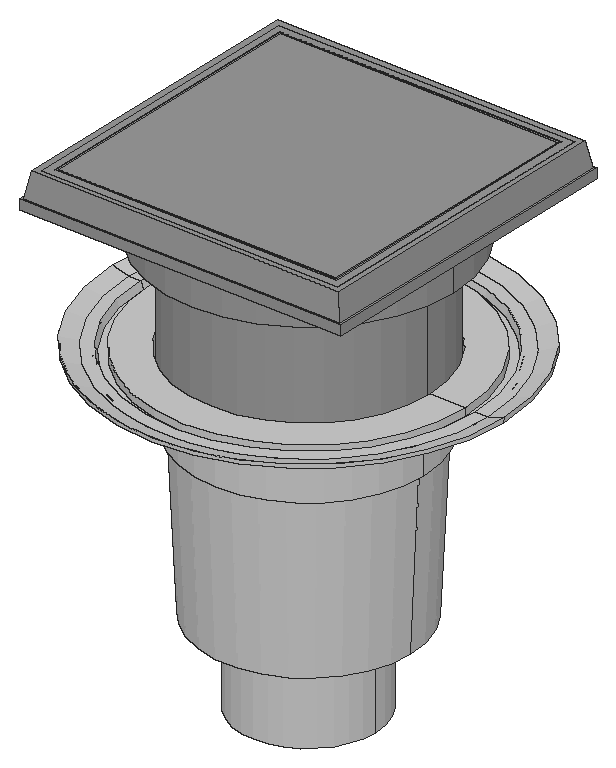
Revit family "HL_Дворовый трап серии Perfekt_HL616.1W", category Instalační zařizovací předměty, Revit 2016
Family settings
  Typ součásti = Normální
  Kóta kulaté spojky = Použít průměr
  Číslo OmniClass = 23.70.50.21.24.14
  Nadpis OmniClass = Deck Waste Water Drains
  Založené na pracovní rovině = Ne
  Vždy vertikální = Ano
  Ořezat dutým tvarem při načtení = Ne
  Sdílené = Ne
  Bod výpočtu místnosti = Ano
Parameters
  РЕШЁТКА = "Gusseisen 226 x 226 mm"
  РАЗМЕР = "DN110"
  ПРОПУСКНАЯ СПОСОБНОСТЬ [instance] = 0.0 L/s
  ПРОИЗВОДИТЕЛЬНОСТЬ = "2,1 l/s"
  ПРАВОВАЯ ИНФОРМАЦИЯ = "\"Copyright (©), design rights or any other intellectual property rights, shall be the exclusive property of HL Hutterer & Lechner GmbH. Modification is not allowed. Family has been watermarked.\""
  НОМИНАЛЬНЫЙ ДИАМЕТР = 110 mm
  НАСАДКА = "55-135 mm/260 x 260 mm Guss"
  МАТЕРИАЛ = "PP"
  МАКСИМАЛЬНАЯ НАГРУЗКА КЛАССА = "M - 12,5 t"
  ВЫСОТА МОНТАЖА = "252 mm"
  ВЕС = "13,5 kg"
  Výrobce = "HL Hutterer & Lechner GmbH"
  URL = "http://www.hutterer-lechner.com/en/products/catalog/roof-drains/HL616.1W/1.aspx"
  Материал плитка [instance] = none
  Připojení ventilace = no
  Připojení odpadu = yes
  Připojení HW = no
  Připojení CW = no
  Description = ""
  Model = "HL616.1W/1"
  Assembly Code = " "
  Type Comments = "perfect-drain DN110 vertical with flange, 260x260mm/226x226mm cast iron with trap seal"
  Keynote = "HL616.1W/1"
  IH [instance] = Высота монтажа 1 + Высота монтажа 2  # 135 mm
  Высота монтажа 2 [instance] = 0 mm
  Высота монтажа 1 [instance] = 135 mm
  G [instance] = 180.00°  # constant formula
  EAN = "9003076011360"
  D [instance] = IH + 165 mm  # 300 mm
  C [instance] = if(IH - 68 mm < 0 mm, 0 mm, IH - 68 mm)  # 67 mm
  B [instance] = 100 mm
  A [instance] = if(B - 100 mm > 15 mm, B - 100 mm, 15 mm)  # 15 mm
Types (3, lengths in mm): name | РАЗМЕР | ПРАВОВАЯ ИНФОРМАЦИЯ | НОМИНАЛЬНЫЙ ДИАМЕТР | URL | Description | Model | Type Comments | Keynote | EAN
  (no name) | "DN110" | "\"Copyright (©), design rights or any other intellectual property rights, shall be the exclusive property of HL Hutterer & Lechner GmbH. Modification is not allowed. Family has been watermarked.\"" | 110 | "http://www.hutterer-lechner.com/en/products/catalog/roof-drains/HL616.1W/1.aspx" | "" | "HL616.1W/1" | "perfect-drain DN110 vertical with flange, 260x260mm/226x226mm cast iron with trap seal" | "HL616.1W/1" | "9003076011360"
  HL_Дворовый трап серии Perfekt_HL616.1W_1 | "DN110" | "\"Авторские права(©), права на дизайн или какие либо другие права интелектуальной собственности являются исключительной собственностью компании HL Hutterer & Lechner. Изменению не подлежит. Файл семейства с данными о прозводителе изделия защищен паролем с водяным знаком.\"" | 110 | "http://www.hutterer-lechner.com/ru/products/catalog/roof-drains/HL616.1W/1.aspx" | "Дворовый трап серии Perfekt DN110 вертикальный" | "HL616.1W/1" | "Дворовый трап серии Perfekt DN110 вертикальный с обжимным фланцем, 260х260мм/226х226мм чугун с водяным затвором." | "HL616.1W/1" | "9003076011360"
  HL_Дворовый трап серии Perfekt_HL616.1W_5 | "DN160" | "\"Авторские права(©), права на дизайн или какие либо другие права интелектуальной собственности являются исключительной собственностью компании HL Hutterer & Lechner. Изменению не подлежит. Файл семейства с данными о прозводителе изделия защищен паролем с водяным знаком.\"" | 160 | "http://www.hutterer-lechner.com/ru/products/catalog/roof-drains/HL616.1W/5.aspx" | "Дворовый трап серии Perfekt DN160 вертикальный" | "HL616.1W/5" | "Дворовый трап серии Perfekt DN160 вертикальный с обжимным фланцем, 260х260мм/226х226мм чугун с водяным затвором." | "HL616.1W/5" | "9003076011384"
Reference planes
  plane 1 "Center (Front/Back)": y = 0
  plane 2: z = 0
  plane 3 "Center (Left/Right)": x = 0
  plane 4: z = -100
  plane 5: z = -135
  plane 6: z = -135
Lines and regions (mm)
  model lines, style "InvisibleLines"
    curve 1: line (0, 0, 0) -> (0, 0, 20)
  model lines, style "PlumbingFixtures", detail levels coarse+medium
    curve 2: line (0, 0, -100) -> (0, 0, -85)
    curve 3: line (0, 0, -85) -> (-85, 0, 0)
    curve 4: line (0, 0, -85) -> (85, 0, 0)
    curve 6: line (0, 0, -100) -> (0, 0, -400)
  reference lines, not visible
    curve 5: line (0, 0, -100) -> (0, 0, -400)
  symbolic lines, style "PlumbingFixtures", detail levels coarse+medium
    curve 7: line (-75, 75, 0) -> (75, 75, 0)
    curve 8: line (-75, -75, 0) -> (-75, 75, 0)
    curve 9: line (75, -75, 0) -> (-75, -75, 0)
    curve 10: line (75, 75, 0) -> (75, -75, 0)
    curve 11: line (-75, 75, 0) -> (-145.711, 145.711, 0)
    curve 12: line (75, 75, 0) -> (145.711, 145.711, 0)
    curve 13: line (-75, -75, 0) -> (-145.711, -145.711, 0)
    curve 14: line (75, -75, 0) -> (145.711, -145.711, 0)
  symbolic lines, style "PlumbingFixtures", not visible, detail levels coarse+medium
    curve 15: line (-75, 75, 0) -> (75, 75, 0)
    curve 16: line (-75, -75, 0) -> (-75, 75, 0)
    curve 17: line (75, -75, 0) -> (-75, -75, 0)
    curve 18: line (75, 75, 0) -> (75, -75, 0)
    curve 19: line (-75, 75, 0) -> (-145.711, 145.711, 0)
    curve 20: line (75, 75, 0) -> (145.711, 145.711, 0)
    curve 21: line (-75, -75, 0) -> (-145.711, -145.711, 0)
    curve 22: line (75, -75, 0) -> (145.711, -145.711, 0)
Text (mm)
  text "FLOOR" at (-162.344, 0, -10.979), in view "Слева"
Dimensions and locks
  "B": plane 2 to plane 4
  "IH": plane 2 to plane 5
  "A": curve 4 to plane 4
  "D": curve 5 to curve 5
  "D": curve 6 to curve 6
  "Высота монтажа 1": plane 2 to plane 6
  locked: curve 4 to plane 3 "Center (Left/Right)" (angle 45.00°)
  locked: plane 3 "Center (Left/Right)" to curve 3 (angle 45.00°)
  "G": angle curve 5 to plane 3 "Center (Left/Right)"
  aligned and locked: level to plane 2
  aligned and locked: plane 2 to curve 4
  aligned and locked: plane 2 to curve 3
  aligned and locked: plane 4 to curve 5
  aligned and locked: plane 3 "Center (Left/Right)" to curve 5
  aligned and locked: plane 4 to curve 2
  aligned and locked: plane 3 "Center (Left/Right)" to curve 6
  aligned and locked: plane 4 to curve 6
  aligned and locked: plane 3 "Center (Left/Right)" to nested 2
  aligned and locked: plane 2 to nested 2
  aligned and locked: nested 1 to plane 3 "Center (Left/Right)"
  aligned and locked: nested 1 to plane 5
  aligned and locked: plane 3 "Center (Left/Right)" to nested 3
  aligned and locked: nested 4 to plane 3 "Center (Left/Right)"
  aligned and locked: nested 1 to nested 4
  aligned and locked: nested 3 to nested 2
Automatic sketch dimensions
  curve 2 to plane 3 "Center (Left/Right)" = 0 mm
  curve 1 to plane 3 "Center (Left/Right)" = 0 mm
  curve 1 to level = 0 mm
  curve 1 to curve 1 = 20 mm
Nested families
  nested 1: "HL-кровельные воронки - корпус-HL616K" at (0, 0, -134.974), type "HL-кровельные воронки - корпус-HL616K_1"
  nested 2: "HL-Надставные элементы-HL624" at (0, 0, 0), Высота монтажа <- "Высота монтажа 1", type "HL-Надставные элементы-HL624"
    with Высота монтажа 135 mm, a 97 mm, Ihmin 55 mm, Ihmax 135 mm
  nested 3: "HL-Песколовка-HL0606.2E" at (0, 0, -27.999), type "HL-Песколовка-HL0606.2E"
  nested 4: "HL-Вкладыш запахозапирающий-HL0605.2E" at (0, 0, -195.474), type "HL-Вкладыш запахозапирающий-HL0605.2E"
Connectors
  piping at (0, 0, -400), diameter 110, driven by "ПРОПУСКНАЯ СПОСОБНОСТЬ", driven by "НОМИНАЛЬНЫЙ ДИАМЕТР"
    settings: on curve 5, index 1, connector inside diameter 609.6 mm, connector length 0 mm, flow factor 0, pipe flow 0.0 L/s, pressure drop 0.0 Pa, fitting loss kfactor 0, connector angle 0.00°, fixture units 0, engagement length 0 mm, angle of deflection 0.00°, flow configuration 1, flow direction 2, fitting loss method 0, system type 16, joint type 0, gender type 0, connector reference index -1, connector utility 0, adjustable connector yes, is connector primary yes, connector description ""
Definition of nested family "HL-кровельные воронки - корпус-HL616K"
  Parameters
    РАЗМЕР = ""
    ПРАВОВАЯ ИНФОРМАЦИЯ = ""
    НОМИНАЛЬНЫЙ ДИАМЕТР = 110 mm
    МАТЕРИАЛ = ""
    ВЫСОТА МОНТАЖА = ""
    ВЕС = ""
    a = if(НОМИНАЛЬНЫЙ ДИАМЕТР = 11 mm, 62 mm, 67 mm)  # 67 mm
    Height = 0 mm
    Manufacturer = ""
    URL = ""
    Description = ""
    ND = НОМИНАЛЬНЫЙ ДИАМЕТР / 2  # 55 mm
    Model = ""
    материал = none
    Type Comments = ""
    Keynote = ""
    EAN = ""
    Cost = 0
  Types (3, lengths in mm): name | РАЗМЕР | ПРАВОВАЯ ИНФОРМАЦИЯ | МАТЕРИАЛ | ВЫСОТА МОНТАЖА | ВЕС | Manufacturer | URL | Description | Model | Type Comments | Keynote | EAN
    (no name) | "" | "" | "" | "" | "" | "" | "" | "" | "" | "" | "" | ""
    HL-кровельные воронки - корпус-HL616K_1 | "DN110" | "\"Авторские права(©), права на дизайн или какие либо другие права интелектуальной собственности являются исключительной собственностью компании HL Hutterer & Lechner. Изменению не подлежит. Файл семейства с данными о прозводителе изделия защищен паролем с водяным знаком.\"" | "PP" | "197 mm" | "0,652 kg" | "HL Hutterer & Lechner GmbH" | "http://www.hutterer-lechner.com/ru/products/catalog/roof-drains/HL616K/1.aspx" | "Дворовый трап серии Perfekt DN110 вертикальный" | "HL616K/1" | "Корпус дворового трапа серии Perfekt DN110 вертикальный с обжимным фланцем." | "HL616K/1" | "9003076010639"
    HL-кровельные воронки - корпус-HL616K_5 | "DN160" | "\"Авторские права(©), права на дизайн или какие либо другие права интелектуальной собственности являются исключительной собственностью компании HL Hutterer & Lechner. Изменению не подлежит. Файл семейства с данными о прозводителе изделия защищен паролем с водяным знаком.\"" | "PP" | "197 mm" | "0,658 kg" | "HL Hutterer & Lechner GmbH" | "http://www.hutterer-lechner.com/ru/products/catalog/roof-drains/HL616K/5.aspx" | "Дворовый трап серии Perfekt DN160 вертикальный" | "HL616K/5" | "Корпус дворового трапа серии Perfekt DN160 вертикальный с обжимным фланцем." | "HL616K/5" | "9003076010677"
  Reference planes
    plane 1 "Střed (vpředu/vzadu)": y = 0
    plane 2: z = 0
    plane 3 "Střed (vlevo/vpravo)": x = 0
    plane 4: z = -198
  Forms (mm)
    Revolve 1, solid, material <- "материал", detail levels fine
      sketch origin (0, 0, 0) x (1, 0, 0) y (0, 0, 1)
        loop
          line (158.746, -0.026) -> (145.781, -3.5) -> (135.781, -3.5) -> (134.096, -9.367) -> (127.541, -9.367) -> (127.541, -3.5) -> (99.151, -3.5) -> (99.151, -25.5) -> (90, -25.5) -> (90, -60.5) -> (85.551, -60.5) -> (79.463, -194) -> (51.105, -194) -> (51.105, -198) -> (83.393, -198) -> (89.481, -64.5) -> (94.013, -64.5) -> (94.013, -34.2) -> (103.091, -34.2) -> (103.091, -12.303) -> (134.671, -12.303)
          arc (134.671, -12.303) -> (136.701, -11.463) -> (137.542, -9.433) r 2.871
          line (137.542, -9.433) -> (137.542, -6.409) -> (146.262, -6.409) -> (158.746, -3.064) -> (158.746, -0.026)
        axis (0, -198) -> (0, -0.026)
      angle from 0 to 360
    Revolve 2, solid, material <- "материал", detail levels fine
      sketch origin (0, 0, 0) x (1, 0, 0) y (0, 0, 1)
        loop
          line (0, -198) -> (0, -265) -> (55, -265) -> (55, -198) -> (0, -198)
        axis (0, -198) -> (0, -265)
      angle from 0 to 360
  Dimensions and locks
    locked: plane 2 to plane 4 at 198
    "ND": Revolve 2 sketch curve to plane 3 "Střed (vlevo/vpravo)"
    "a": plane 4 to Revolve 2 sketch curve
    aligned and locked: level to plane 2
  Automatic sketch dimensions
    Revolve 1 sketch curve to plane 3 "Střed (vlevo/vpravo)" = 0 mm
    Revolve 1 sketch curve to plane 4 = 0 mm
    plane 4 to Revolve 1 sketch curve = 4 mm
    plane 3 "Střed (vlevo/vpravo)" to Revolve 1 sketch curve = 51.105 mm
    Revolve 1 sketch curve to Revolve 1 sketch curve = 28.358 mm
    Revolve 1 sketch curve to Revolve 1 sketch curve = 3.93 mm  (x2)
    plane 3 "Střed (vlevo/vpravo)" to Revolve 1 sketch curve = 85.551 mm
    Revolve 1 sketch curve to Revolve 1 sketch curve = 0.519 mm
    Revolve 1 sketch curve to Revolve 1 sketch curve = 4.013 mm
    Revolve 1 sketch curve to level = 3.5 mm  (x2)
    Revolve 1 sketch curve to Revolve 1 sketch curve = 9.151 mm
    Revolve 1 sketch curve to Revolve 1 sketch curve = 3.941 mm
    Revolve 1 sketch curve to Revolve 1 sketch curve = 24.449 mm
    Revolve 1 sketch curve to Revolve 1 sketch curve = 6.555 mm
    Revolve 1 sketch curve to Revolve 1 sketch curve = 0.575 mm
    Revolve 1 sketch curve to Revolve 1 sketch curve = 1.11 mm
    Revolve 1 sketch curve to Revolve 1 sketch curve = 1.761 mm
    Revolve 1 sketch curve to Revolve 1 sketch curve = 8.239 mm
    Revolve 1 sketch curve to Revolve 1 sketch curve = 0.481 mm
    Revolve 1 sketch curve to level = 0.026 mm
    Revolve 1 sketch curve to Revolve 1 sketch curve = 12.965 mm
    Revolve 1 sketch curve to Revolve 1 sketch curve = 61 mm
    Revolve 1 sketch curve to Revolve 1 sketch curve = 4 mm
    Revolve 1 sketch curve to Revolve 1 sketch curve = 26.3 mm
    Revolve 1 sketch curve to Revolve 1 sketch curve = 8.7 mm
    Revolve 1 sketch curve to Revolve 1 sketch curve = 8.804 mm
    Revolve 1 sketch curve to Revolve 1 sketch curve = 0.066 mm
    Revolve 1 sketch curve to Revolve 1 sketch curve = 3.024 mm
    Revolve 1 sketch curve to Revolve 1 sketch curve = 3.038 mm
    level to Revolve 1 sketch curve = 9.5 mm
    Revolve 1 sketch curve to Revolve 1 sketch curve = 50 mm
    Revolve 2 sketch curve to plane 3 "Střed (vlevo/vpravo)" = 0 mm  (x2)
    Revolve 2 sketch curve to plane 4 = 0 mm
    Revolve 2 sketch curve to Revolve 2 sketch curve = 15 mm
    Revolve 2 sketch curve to Revolve 2 sketch curve = 25 mm
Definition of nested family "HL-Надставные элементы-HL624"
  Parameters (values of type "HL-Надставные элементы-HL624")
    РЕШЁТКА = "Guss 226x226mm"
    РАЗМЕР = "d 195mm"
    ПРАВОВАЯ ИНФОРМАЦИЯ = "\"Авторские права(©), права на дизайн или какие либо другие права интелектуальной собственности являются исключительной собственностью компании HL Hutterer & Lechner. Изменению не подлежит. Файл семейства с данными о прозводителе изделия защищен паролем с водяным знаком.\""
    НАСАДКА = "260x260mm"
    МАТЕРИАЛ = "PP"
    МАКСИМАЛЬНАЯ НАГРУЗКА КЛАССА = "B - 12,5 t (aussen)"
    ВЫСОТА МОНТАЖА = "152mm"
    ВЕС = "11,37 [kg]"
    a [instance] = if(Высота монтажа < Ihmin, -10 mm, if(Высота монтажа > Ihmax, -10 mm, Высота монтажа - 38 mm))  # 97 mm
    Manufacturer = "HL Hutterer & Lechner GmbH"
    URL = "http://www.hutterer-lechner.com/ru/products/catalog/roof-drains/HL624.aspx"
    Description = "Надставные элементы"
    Model = "HL624"
    материал = none
    Type Comments = "Насадка d 195мм/литые подрамники 260х260мм/226х226мм чугун"
    Keynote = "HL624"
    Высота монтажа [instance] = 135 mm
    Ihmin [instance] = 55 mm
    Ihmax [instance] = 135 mm
    EAN = "9003076014767"
    Cost = 0
  Values of the unnamed type that differ from the named types
    РЕШЁТКА = ""
    РАЗМЕР = ""
    ПРАВОВАЯ ИНФОРМАЦИЯ = ""
    НАСАДКА = ""
    МАТЕРИАЛ = ""
    МАКСИМАЛЬНАЯ НАГРУЗКА КЛАССА = ""
    ВЫСОТА МОНТАЖА = ""
    ВЕС = ""
    Manufacturer = ""
    URL = ""
    Description = ""
    Model = ""
    Type Comments = ""
    Keynote = ""
    EAN = ""
  Reference planes
    plane 1 "Střed (vpředu/vzadu)": y = 0
    plane 2: z = 0
    plane 3 "Střed (vlevo/vpravo)": x = 0
    plane 4: z = -58
    plane 5: z = -155
  Forms (mm)
    Extrusion 1, solid, material <- "материал", detail levels fine
      sketch origin (0, 0, 0) x (1, 0, 0) y (0, 1, 0)
        loop
          line (-112.5, 112.5) -> (-112.5, -112.5) -> (112.5, -112.5) -> (112.5, 112.5) -> (-112.5, 112.5)
      from 0 to -20
    Extrusion 2, solid, material <- "материал", detail levels fine
      sketch origin (0, 0, 0) x (1, 0, 0) y (0, 1, 0)
        loop
          line (114.5, -114.5) -> (114.5, 114.5) -> (-114.5, 114.5) -> (-114.5, -114.5) -> (114.5, -114.5)
        loop
          line (-120, 120) -> (-120, -120) -> (120, -120) -> (120, 120) -> (-120, 120)
      from 0 to -20
    Extrusion 3, solid, material <- "материал", detail levels fine
      sketch origin (0, 0, 0) x (1, 0, 0) y (0, 1, 0)
        loop
          line (120, -120) -> (120, 120) -> (-120, 120) -> (-120, -120) -> (120, -120)
      from -20 to -23
    Revolve 4, solid, material <- "материал", detail levels fine
      sketch origin (0, 0, 0) x (1, 0, 0) y (0, 0, 1)
        loop
          line (0, -28) -> (-117.877, -28) -> (-117.877, -58.2) -> (0, -58.2) -> (0, -28)
        axis (0, -58.2) -> (0, -28)
      angle from 0 to 360
    Revolve 5, solid, material <- "материал", detail levels fine
      sketch origin (0, 0, 0) x (1, 0, 0) y (0, 0, 1)
        loop
          line (0, -58) -> (0, -155) -> (97.213, -155) -> (97.213, -58) -> (0, -58)
        axis (0, -58) -> (0, -155)
      angle from 0 to 360
    Extrusion 6, solid, material <- "материал", detail levels fine
      sketch origin (0, 0, 0) x (1, 0, 0) y (0, 1, 0)
        loop
          line (130, 130) -> (-130, 130) -> (-130, -130) -> (130, -130) -> (130, 130)
      from -28 to -20
    Blend 7, solid, material <- "материал", detail levels fine
      base sketch origin (0, 0, 0) x (1, 0, 0) y (0, 1, 0)
        loop
          line (-128.315, -128.315) -> (128.315, -128.315) -> (128.315, 128.315) -> (-128.315, 128.315) -> (-128.315, -128.315)
      top sketch origin (0, 0, 0) x (1, 0, 0) y (0, 1, 0)
        loop
          line (124.788, 124.788) -> (-124.788, 124.788) -> (-124.788, -124.788) -> (124.788, -124.788) -> (124.788, 124.788)
      from -20 to 0
  Cuts and joins
    joined: Extrusion 2, Extrusion 3
  Lines and regions (mm)
    model lines, detail levels fine
      curve 1: line (10.96, 46.315, 0) -> (45.608, 80.964, 0)
      curve 2: line (56.215, 70.357, 0) -> (21.567, 35.709, 0)
      curve 3: line (35.709, 21.567, 0) -> (70.357, 56.215, 0)
      curve 4: line (80.964, 45.608, 0) -> (46.315, 10.96, 0)
      curve 5: line (92, 7.5, 0) -> (72.5, 7.5, 0)
      curve 6: line (92, -7.5, 0) -> (72.5, -7.5, 0)
      curve 7: arc (92, -7.5, 0) -> (99.5, 0, 0) -> (92, 7.5, 0) r 7.5
      curve 8: arc (72.5, -7.5, 0) -> (65, 0, 0) -> (72.5, 7.5, 0) r 7.5
      curve 9: arc (80.964, 45.608, 0) -> (80.964, 56.215, 0) -> (70.357, 56.215, 0) r 7.5
      curve 10: arc (56.215, 70.357, 0) -> (56.215, 80.964, 0) -> (45.608, 80.964, 0) r 7.5
      curve 11: arc (21.567, 35.709, 0) -> (10.96, 35.709, 0) -> (10.96, 46.315, 0) r 7.5
      curve 12: arc (46.315, 10.96, 0) -> (35.709, 10.96, 0) -> (35.709, 21.567, 0) r 7.5
      curve 13: line (7.5, 92, 0) -> (7.5, 72.5, 0)
      curve 14: line (-7.5, 92, 0) -> (-7.5, 72.5, 0)
      curve 15: arc (-7.5, 92, 0) -> (0, 99.5, 0) -> (7.5, 92, 0) r 7.5
      curve 16: arc (-7.5, 72.5, 0) -> (0, 65, 0) -> (7.5, 72.5, 0) r 7.5
      curve 17: line (7.5, -92, 0) -> (7.5, -72.5, 0)
      curve 18: line (-7.5, -92, 0) -> (-7.5, -72.5, 0)
      curve 19: arc (-7.5, -92, 0) -> (0, -99.5, 0) -> (7.5, -92, 0) r 7.5
      curve 20: arc (-7.5, -72.5, 0) -> (0, -65, 0) -> (7.5, -72.5, 0) r 7.5
      curve 21: line (92, -7.5, 0) -> (72.5, -7.5, 0)
      curve 22: line (92, 7.5, 0) -> (72.5, 7.5, 0)
      curve 23: arc (92, 7.5, 0) -> (99.5, 0, 0) -> (92, -7.5, 0) r 7.5
      curve 24: arc (72.5, 7.5, 0) -> (65, 0, 0) -> (72.5, -7.5, 0) r 7.5
      curve 25: line (-92, -7.5, 0) -> (-72.5, -7.5, 0)
      curve 26: arc (-92, -7.5, 0) -> (-99.5, 0, 0) -> (-92, 7.5, 0) r 7.5
      curve 27: arc (-72.5, -7.5, 0) -> (-65, 0, 0) -> (-72.5, 7.5, 0) r 7.5
      curve 28: line (-92, -7.5, 0) -> (-72.5, -7.5, 0)
      curve 29: line (-92, 7.5, 0) -> (-72.5, 7.5, 0)
      curve 30: arc (-92, 7.5, 0) -> (-99.5, 0, 0) -> (-92, -7.5, 0) r 7.5
      curve 31: arc (-72.5, 7.5, 0) -> (-65, 0, 0) -> (-72.5, -7.5, 0) r 7.5
      curve 32: line (-10.96, 46.315, 0) -> (-45.608, 80.964, 0)
      curve 33: line (-56.215, 70.357, 0) -> (-21.567, 35.709, 0)
      curve 34: line (-35.709, 21.567, 0) -> (-70.357, 56.215, 0)
      curve 35: line (-80.964, 45.608, 0) -> (-46.315, 10.96, 0)
      curve 36: arc (-80.964, 45.608, 0) -> (-80.964, 56.215, 0) -> (-70.357, 56.215, 0) r 7.5
      curve 37: arc (-56.215, 70.357, 0) -> (-56.215, 80.964, 0) -> (-45.608, 80.964, 0) r 7.5
      curve 38: arc (-21.567, 35.709, 0) -> (-10.96, 35.709, 0) -> (-10.96, 46.315, 0) r 7.5
      curve 39: arc (-46.315, 10.96, 0) -> (-35.709, 10.96, 0) -> (-35.709, 21.567, 0) r 7.5
      curve 40: line (10.96, -46.315, 0) -> (45.608, -80.964, 0)
      curve 41: line (56.215, -70.357, 0) -> (21.567, -35.709, 0)
      curve 42: line (35.709, -21.567, 0) -> (70.357, -56.215, 0)
      curve 43: line (80.964, -45.608, 0) -> (46.315, -10.96, 0)
      curve 44: arc (80.964, -45.608, 0) -> (80.964, -56.215, 0) -> (70.357, -56.215, 0) r 7.5
      curve 45: arc (56.215, -70.357, 0) -> (56.215, -80.964, 0) -> (45.608, -80.964, 0) r 7.5
      curve 46: arc (21.567, -35.709, 0) -> (10.96, -35.709, 0) -> (10.96, -46.315, 0) r 7.5
      curve 47: arc (46.315, -10.96, 0) -> (35.709, -10.96, 0) -> (35.709, -21.567, 0) r 7.5
      curve 48: line (-10.96, -46.315, 0) -> (-45.608, -80.964, 0)
      curve 49: line (-56.215, -70.357, 0) -> (-21.567, -35.709, 0)
      curve 50: line (-35.709, -21.567, 0) -> (-70.357, -56.215, 0)
      curve 51: line (-80.964, -45.608, 0) -> (-46.315, -10.96, 0)
      curve 52: arc (-80.964, -45.608, 0) -> (-80.964, -56.215, 0) -> (-70.357, -56.215, 0) r 7.5
      curve 53: arc (-56.215, -70.357, 0) -> (-56.215, -80.964, 0) -> (-45.608, -80.964, 0) r 7.5
      curve 54: arc (-21.567, -35.709, 0) -> (-10.96, -35.709, 0) -> (-10.96, -46.315, 0) r 7.5
      curve 55: arc (-46.315, -10.96, 0) -> (-35.709, -10.96, 0) -> (-35.709, -21.567, 0) r 7.5
  Dimensions and locks
    plane 2 to plane 4 = 58 mm
    "a": plane 4 to Revolve 5 sketch curve
    locked: plane 2 to plane 5 at 155
    aligned and locked: level to plane 2
    aligned and locked: plane 4 to Revolve 5 sketch curve
    aligned and locked: Extrusion 6 to Revolve 4
  Automatic sketch dimensions
    curve 7 to curve 23 = 0 mm  (x2)
    curve 8 to curve 24 = 0 mm  (x2)
    curve 26 to curve 30 = 0 mm  (x2)
    curve 27 to curve 31 = 0 mm  (x2)
    plane 1 "Střed (vpředu/vzadu)" to curve 26 = 0 mm
    curve 16 to plane 3 "Střed (vlevo/vpravo)" = 0 mm
    curve 20 to plane 3 "Střed (vlevo/vpravo)" = 0 mm
    plane 1 "Střed (vpředu/vzadu)" to curve 24 = 0 mm
    curve 18 to plane 3 "Střed (vlevo/vpravo)" = 7.5 mm
    curve 14 to plane 3 "Střed (vlevo/vpravo)" = 7.5 mm
    curve 32 to plane 3 "Střed (vlevo/vpravo)" = 10.96 mm
    curve 48 to plane 3 "Střed (vlevo/vpravo)" = 10.96 mm
    curve 54 to curve 54 = 5.303 mm  (x2)
    curve 38 to curve 38 = 5.303 mm  (x2)
    curve 49 to curve 54 = 5.303 mm
    curve 33 to curve 38 = 5.303 mm
    curve 34 to curve 33 = 14.142 mm
    curve 50 to curve 49 = 14.142 mm
    curve 39 to curve 34 = 5.303 mm
    curve 55 to curve 50 = 5.303 mm
    curve 48 to curve 20 = 38.108 mm
    curve 32 to curve 14 = 38.108 mm
    curve 35 to plane 1 "Střed (vpředu/vzadu)" = 10.96 mm
    curve 35 to curve 39 = 5.303 mm
    plane 1 "Střed (vpředu/vzadu)" to curve 51 = 10.96 mm
    curve 51 to curve 55 = 5.303 mm
    curve 53 to curve 48 = 5.303 mm
    curve 37 to curve 32 = 5.303 mm
    curve 49 to curve 53 = 5.303 mm
    curve 33 to curve 37 = 5.303 mm  (x2)
    curve 34 to curve 37 = 14.142 mm
    curve 50 to curve 53 = 14.142 mm
    curve 27 to curve 39 = 26.185 mm
    curve 36 to curve 34 = 5.303 mm
    curve 52 to curve 50 = 5.303 mm
    curve 35 to plane 1 "Střed (vpředu/vzadu)" = 45.608 mm
    curve 35 to curve 36 = 5.303 mm  (x2)
    plane 1 "Střed (vpředu/vzadu)" to curve 51 = 45.608 mm
    curve 51 to curve 52 = 5.303 mm
    plane 1 "Střed (vpředu/vzadu)" to curve 28 = 7.5 mm
    curve 28 to curve 25 = 19.5 mm
    plane 3 "Střed (vlevo/vpravo)" to curve 1 = 10.96 mm
    plane 3 "Střed (vlevo/vpravo)" to curve 40 = 10.96 mm
    curve 11 to curve 11 = 5.303 mm
    curve 46 to curve 46 = 5.303 mm  (x2)
    curve 11 to curve 2 = 5.303 mm
    curve 46 to curve 41 = 5.303 mm
    curve 2 to curve 3 = 14.142 mm
    curve 41 to curve 42 = 14.142 mm  (x3)
    curve 42 to curve 47 = 5.303 mm
    curve 3 to curve 12 = 5.303 mm
    curve 13 to curve 1 = 38.108 mm
    curve 17 to curve 40 = 38.108 mm
    plane 1 "Střed (vpředu/vzadu)" to curve 43 = 10.96 mm
    curve 47 to curve 43 = 5.303 mm
    curve 4 to plane 1 "Střed (vpředu/vzadu)" = 10.96 mm
    curve 12 to curve 4 = 5.303 mm
    curve 1 to curve 10 = 5.303 mm
    curve 40 to curve 45 = 5.303 mm
    curve 45 to curve 41 = 5.303 mm  (x2)
    curve 10 to curve 2 = 5.303 mm
    curve 10 to curve 3 = 14.142 mm
    curve 43 to curve 24 = 26.185 mm
    curve 42 to curve 44 = 5.303 mm
    curve 3 to curve 9 = 5.303 mm
    plane 1 "Střed (vpředu/vzadu)" to curve 43 = 45.608 mm
    curve 44 to curve 43 = 5.303 mm
    curve 4 to plane 1 "Střed (vpředu/vzadu)" = 45.608 mm
    curve 9 to curve 4 = 5.303 mm
    curve 5 to plane 1 "Střed (vpředu/vzadu)" = 7.5 mm
    curve 22 to curve 5 = 19.5 mm
    plane 1 "Střed (vpředu/vzadu)" to curve 48 = 46.315 mm
    curve 48 to curve 40 = 0 mm
    curve 52 to curve 52 = 5.303 mm
    curve 44 to curve 44 = 5.303 mm
    curve 49 to curve 50 = 14.142 mm
    curve 17 to curve 40 = 26.185 mm
    curve 53 to curve 49 = 5.303 mm
    curve 17 to curve 20 = 19.5 mm
    curve 42 to curve 47 = 10.607 mm
    curve 50 to curve 51 = 10.607 mm
    curve 4 to curve 12 = 5.303 mm
    curve 39 to curve 39 = 5.303 mm
    curve 39 to curve 33 = 14.142 mm
    curve 12 to curve 2 = 14.142 mm
    curve 2 to curve 11 = 5.303 mm
    curve 9 to curve 9 = 5.303 mm
    curve 3 to curve 2 = 14.142 mm
    curve 36 to curve 33 = 14.142 mm
    curve 11 to curve 13 = 26.185 mm
    curve 2 to curve 10 = 5.303 mm
    curve 14 to curve 14 = 19.5 mm
    Extrusion 1 sketch curve to plane 3 "Střed (vlevo/vpravo)" = 112.5 mm
    plane 3 "Střed (vlevo/vpravo)" to Extrusion 1 sketch curve = 112.5 mm
    plane 1 "Střed (vpředu/vzadu)" to Extrusion 1 sketch curve = 112.5 mm
    Extrusion 1 sketch curve to plane 1 "Střed (vpředu/vzadu)" = 112.5 mm
    Extrusion 2 sketch curve to plane 3 "Střed (vlevo/vpravo)" = 120 mm
    Extrusion 2 sketch curve to Extrusion 2 sketch curve = 5.5 mm  (x4)
    plane 3 "Střed (vlevo/vpravo)" to Extrusion 2 sketch curve = 114.5 mm
    plane 1 "Střed (vpředu/vzadu)" to Extrusion 2 sketch curve = 120 mm
    Extrusion 2 sketch curve to plane 1 "Střed (vpředu/vzadu)" = 114.5 mm
    Extrusion 3 sketch curve to plane 3 "Střed (vlevo/vpravo)" = 120 mm
    plane 3 "Střed (vlevo/vpravo)" to Extrusion 3 sketch curve = 120 mm
    plane 1 "Střed (vpředu/vzadu)" to Extrusion 3 sketch curve = 120 mm
    Extrusion 3 sketch curve to plane 1 "Střed (vpředu/vzadu)" = 120 mm
    Revolve 4 sketch curve to plane 3 "Střed (vlevo/vpravo)" = 0 mm  (x2)
    Revolve 4 sketch curve to level = 28 mm
    Revolve 4 sketch curve to plane 3 "Střed (vlevo/vpravo)" = 117.877 mm
    Revolve 4 sketch curve to plane 4 = 0.2 mm
    level to Revolve 4 sketch curve = 32 mm
    Revolve 4 sketch curve to Revolve 4 sketch curve = 90 mm
    Extrusion 6 sketch curve to plane 3 "Střed (vlevo/vpravo)" = 130 mm
    plane 3 "Střed (vlevo/vpravo)" to Extrusion 6 sketch curve = 130 mm
    plane 1 "Střed (vpředu/vzadu)" to Extrusion 6 sketch curve = 130 mm
    Extrusion 6 sketch curve to plane 1 "Střed (vpředu/vzadu)" = 130 mm
    Blend 7 sketch curve to plane 3 "Střed (vlevo/vpravo)" = 128.315 mm
    plane 3 "Střed (vlevo/vpravo)" to Blend 7 sketch curve = 128.315 mm
    plane 1 "Střed (vpředu/vzadu)" to Blend 7 sketch curve = 128.315 mm
    Blend 7 sketch curve to plane 1 "Střed (vpředu/vzadu)" = 128.315 mm
    Blend 7 sketch curve to plane 3 "Střed (vlevo/vpravo)" = 124.788 mm
    plane 3 "Střed (vlevo/vpravo)" to Blend 7 sketch curve = 124.788 mm
    plane 1 "Střed (vpředu/vzadu)" to Blend 7 sketch curve = 124.788 mm
    Blend 7 sketch curve to plane 1 "Střed (vpředu/vzadu)" = 124.788 mm
    Revolve 5 sketch curve to plane 3 "Střed (vlevo/vpravo)" = 0 mm  (x2)
    plane 3 "Střed (vlevo/vpravo)" to Revolve 5 sketch curve = 97.213 mm
    Revolve 5 sketch curve to plane 5 = 28.999 mm
    Revolve 5 sketch curve to Revolve 5 sketch curve = 140 mm
Definition of nested family "HL-Песколовка-HL0606.2E"
  Parameters (values of type "HL-Песколовка-HL0606.2E")
    ПРАВОВАЯ ИНФОРМАЦИЯ = "\"Авторские права(©), права на дизайн или какие либо другие права интелектуальной собственности являются исключительной собственностью компании HL Hutterer & Lechner. Изменению не подлежит. Файл семейства с данными о прозводителе изделия защищен паролем с водяным знаком.\""
    МАТЕРИАЛ = "PP"
    ВЕС = "0,09 kg"
    Manufacturer = "HL Hutterer & Lechner GmbH"
    URL = "http://www.hutterer-lechner.com/ru/products/catalog/roof-drains/HL0606.2E.aspx"
    Description = "Песколовка"
    Model = "HL0606.2E"
    материал = none
    Type Comments = "Песколовка"
    Keynote = "HL0606.2E"
    EAN = "9003076060627"
    Cost = 0
  Values of the unnamed type that differ from the named types
    ПРАВОВАЯ ИНФОРМАЦИЯ = ""
    МАТЕРИАЛ = ""
    ВЕС = ""
    Manufacturer = ""
    URL = ""
    Description = ""
    Model = ""
    Type Comments = ""
    Keynote = ""
    EAN = ""
  Reference planes
    plane 1 "Střed (vpředu/vzadu)": y = 0
    plane 2: z = 0
    plane 3 "Střed (vlevo/vpravo)": x = 0
  Forms (mm)
    Revolve 1, solid, material <- "материал", detail levels fine
      sketch origin (0, 0, 0) x (1, 0, 0) y (0, 0, 1)
        loop
          line (0, -55.952) -> (0, -58.018) -> (57.601, -56.006)
          arc (57.601, -56.006) -> (65.932, -53.053) -> (69.532, -44.98) r 11.208
          line (69.532, -44.98) -> (72.482, -41.586) -> (75.031, -12.448) -> (75.865, -6.515)
          arc (75.865, -6.515) -> (76.428, -5.156) -> (77.786, -4.594) r 1.921
          line (77.786, -4.594) -> (95.979, -3.002) -> (95.979, -0.001) -> (73.246, -1.99) -> (69.436, -41.391) -> (67.501, -43.326)
          arc (67.501, -43.326) -> (65.111, -51.02) -> (57.603, -53.94) r 9.273
          line (57.603, -53.94) -> (0, -55.952)
        axis (0, -58.018) -> (0, -0.001)
      angle from 0 to 360
  Dimensions and locks
    aligned and locked: level to plane 2
Definition of nested family "HL-Вкладыш запахозапирающий-HL0605.2E"
  Parameters
    ПРАВОВАЯ ИНФОРМАЦИЯ = ""
    МАТЕРИАЛ = ""
    ВЕС = ""
    Manufacturer = ""
    URL = ""
    Description = ""
    Model = ""
    материал 2 = none
    материал = none
    Type Comments = ""
    Keynote = ""
    EAN = ""
    Cost = 0
  Types (2, lengths in mm): name | ПРАВОВАЯ ИНФОРМАЦИЯ | МАТЕРИАЛ | ВЕС | Manufacturer | URL | Description | Model | Type Comments | Keynote | EAN
    (no name) | "" | "" | "" | "" | "" | "" | "" | "" | "" | ""
    HL-Вкладыш запахозапирающий-HL0605.2E | "\"Авторские права(©), права на дизайн или какие либо другие права интелектуальной собственности являются исключительной собственностью компании HL Hutterer & Lechner. Изменению не подлежит. Файл семейства с данными о прозводителе изделия защищен паролем с водяным знаком.\"" | "PP" | "0,192 kg" | "HL Hutterer & Lechner GmbH" | "http://www.hutterer-lechner.com/ru/products/catalog/roof-drains/HL0605.2E.aspx" | "Вкладыш запахозапирающий" | "HL0605.2E" | "Вкладыш водяного затвора комплектный" | "HL0605.2E" | "9003076009725"
  Reference planes
    plane 1 "Střed (vpředu/vzadu)": y = 0
    plane 2: z = 0
    plane 3 "Střed (vlevo/vpravo)": x = 0
  Forms (mm)
    Revolve 1, solid, material <- "материал 2", detail levels fine
      sketch origin (0, 0, 0) x (1, 0, 0) y (0, 0, 1)
        loop
          line (88, -3) -> (88, 0) -> (82.921, 0) -> (82.921, -1.338) -> (78.867, -6.169) -> (78.867, -19.629) -> (76.315, -48.796)
          arc (76.315, -48.796) -> (75.558, -51.125) -> (73.796, -52.827) r 5.066
          line (73.796, -52.827) -> (58.029, -61.938) -> (58.029, -93.034) -> (53.399, -98) -> (41.859, -98) -> (41.859, -83.043) -> (45.35, -83.043) -> (45.35, -33) -> (29.878, -33) -> (29.878, -100) -> (52.94, -100)
          arc (52.94, -100) -> (57.932, -97.932) -> (60, -92.939) r 7.061
          line (60, -92.939) -> (60, -65.894)
          arc (60, -65.894) -> (60.671, -63.394) -> (62.5, -61.564) r 5.003
          line (62.5, -61.564) -> (74.706, -54.511)
          arc (74.706, -54.511) -> (77.106, -52.212) -> (78.174, -49.065) r 6.994
          line (78.174, -49.065) -> (81.088, -15.754) -> (83.996, -15.499) -> (83.996, -12.378)
          arc (83.996, -12.378) -> (85.775, -10) -> (83.996, -7.623) r 2.478
          line (83.996, -7.623) -> (83.996, -3) -> (88, -3)
        axis (0, 0) -> (0, -100)
      angle from 0 to 360
    Revolve 2, solid, material <- "материал", detail levels fine
      sketch origin (0, 0, 0) x (1, 0, 0) y (0, 0, 1)
        loop
          line (47.229, -83.043) -> (47.229, -28.043)
          arc (47.229, -28.043) -> (43.63, -19.353) -> (34.94, -15.754) r 12.289
          line (34.94, -15.754) -> (0, -15.754) -> (0, -48.796) -> (45.35, -48.796) -> (45.35, -83.043) -> (47.229, -83.043)
        axis (0, -83.043) -> (0, -15.754)
      angle from 0 to 360
  Dimensions and locks
    aligned and locked: level to plane 2
